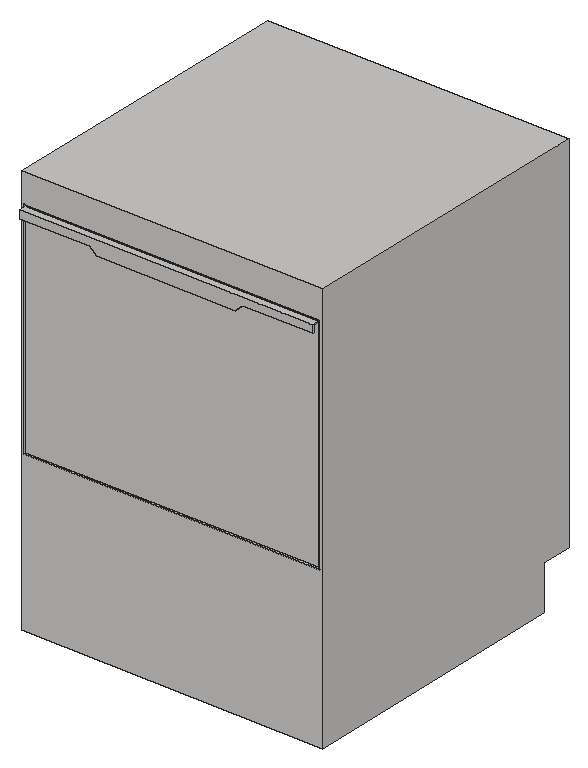
Revit family "QF_ELECTROLUXPROFESSIONAL_400261_ELA1PS", category Specialty Equipment, Revit 2018
Family settings
  Round Connector Dimension = Use Diameter
  Part Type = Normal
  Work Plane-Based = No
  Always vertical = Yes
  Cut with Voids When Loaded = No
  Shared = No
  Room Calculation Point = No
Parameters (values of type "Standard")
  Weight = 60.00 kg
  Watts = 0 W
  Volts = 230 V
  URL Manufacturer = "http://professional.electrolux.com"
  URL = "http://professional.electrolux.com"
  Steam Supply Size = 0 mm
  Steam Supply Minimum Pressure = 0.0 Pa
  Steam Supply Maximum Pressure = 0.0 Pa
  Steam Pounds per Hour = 0
  Show Logo [instance] = yes
  Show Clearance [instance] = yes
  Refrigeration Suction Line Size = 0 mm
  Refrigeration Liquid Line Size = 0 mm
  Refrigerant Compressor Remote = yes
  Manufacturer = "Electrolux Professional"
  Phase = 1
  Model = "ELA1PS"
  Length Actual = 600 mm  # constant formula
  Item Number = "400261"
  Hot Water Size = 19.05 mm
  Height Actual = 820 mm  # constant formula
  HP = "4.9 HP"
  Gas Size = 0 mm
  Gas KW = 0
  Gas Input Pressure = 0 W
  Direct Waste Size = 40 mm
  Description = "UNDERCOUNTER(L), WASH-SAFE, 1PH, DRAIN PUMP, 720D/H, SCHUKO PLUG"
  Depth Actual = 648 mm  # constant formula
  Cycle = 50 Hz
  Condensate Return Size = 0 mm
  Compressed Air Volume = 0.0 L/s
  Compressed Air Size = 0 mm
  Compressed Air Pressure = 0.0 Pa
  Cold Water Size = 0 mm
  Accessory = yes
Reference planes
  plane 1 "Center (Front/Back)": y = 0
  plane 2: z = 0
  plane 3 "Center (Left/Right)": x = 0
  plane 4 "LEFT": x = -300
  plane 5 "RIGHT": x = 300
  plane 6 "FRONT": y = -306
  plane 7 "BACK": y = 306
  plane 8: x = -202.5
  plane 9: x = 202.5
  plane 10: z = 830
  plane 11: z = 10
Forms (mm)
  Extrusion 1, solid, material "QF_Finishes_Stainless Steel"
    sketch origin (0, 0, 0) x (1, 0, 0) y (0, 1, 0)
      loop
        line (-300, -306) -> (300, -306) -> (300, 245) -> (-300, 245) -> (-300, -306)
    from 10 to 830
  Extrusion 2, solid, material "QF_Finishes_Stainless Steel"
    sketch origin (0, 0, 0) x (1, 0, 0) y (0, 1, 0)
      loop
        line (-300, 245) -> (300, 245) -> (300, 306) -> (-300, 306) -> (-300, 245)
    from 100 to 830
  Extrusion 3, solid, material "QF_Finishes_Stainless Steel"
    sketch origin (0, 17.5, 0) x (1, 0, 0) y (0, 1, 0)
      loop
        circle (-254, 167.5) r 12.5
      loop
        circle (254, 167.5) r 12.5
      loop
        circle (-254, -263.5) r 12.5
      loop
        circle (254, -263.5) r 12.5
    from 0 to 10
  Extrusion 4, void
    sketch origin (-300, -306, 0) x (-1, 0, 0) y (0, 0, 1)
      loop
        line (-5, 773.217) -> (-595, 773.217) -> (-595, 327.335) -> (-5, 327.335) -> (-5, 773.217)
    from 0 to 30
  Extrusion 5, solid, material "QF_Finishes_Stainless Steel"
    sketch origin (-259, -389, 768) x (0, 0, -1) y (1, 0, 0)
      loop
        circle (693, 143) r 10
    from -634 to -695
  Extrusion 6, solid, material "QF_Door-Drawer Clearances", visible <- "Show Clearance", detail levels coarse
    sketch origin (-230, -282.5, 0) x (0, 1, 0) y (0, 0, -1)
      loop
        line (-23.5, -330.419) -> (-391.5, -330.419)
        arc (-391.5, -330.419) -> (-290.693, -619.855) -> (-23.5, -770) r 432.894
        line (-23.5, -770) -> (-23.5, -330.419)
    from 61.197 to -521.306
  Extrusion 7, solid, material "QF_Finishes_Stainless Steel"
    sketch origin (-315.481, -389, 738) x (0, 0, -1) y (1, 0, 0)
      loop
        circle (663, 252.481) r 8
    from -634 to -695
  Extrusion 8, solid, material "QF_Finishes_Stainless Steel"
    sketch origin (-230, -282.5, 0) x (0, 1, 0) y (0, 0, -1)
      loop
        line (-23.5, -330.419) -> (-23.5, -770) -> (1.5, -770) -> (1.5, -330.419) -> (-23.5, -330.419)
    from 61.197 to -521.306
  Extrusion 9, solid, material "QF_Finishes_Stainless Steel"
    sketch origin (-230, -297.5, 0) x (0, 1, 0) y (0, 0, -1)
      loop
        line (-8.5, -770) -> (-8.5, -767.514) -> (-21, -767.514) -> (-21, -741.25) -> (-23.5, -741.25) -> (-23.5, -770) -> (-8.5, -770)
    from 61.197 to -521.306
  Extrusion 10, void
    sketch origin (-230, -321, 770) x (0, 0, 1) y (1, 0, 0)
      loop
        line (-15.552, -61.197) -> (-15.552, 77.909) -> (-28.75, 91.107) -> (-28.75, -61.197) -> (-15.552, -61.197)
      loop
        line (-15.552, 521.197) -> (-28.75, 521.197) -> (-28.75, 368.893) -> (-15.552, 382.091) -> (-15.552, 521.197)
    from 0 to 2.5
  Extrusion 11, solid, material "QF_Finishes_Stainless Steel"
    sketch origin (-295.988, 885.897, 763.79) x (0, -1, 0) y (1, 0, 0)
      loop
        circle (611.5, 158) r 8
    from -663.79 to -673.79
Cuts and joins
  Extrusion 4 cuts Extrusion 1
  joined: Extrusion 1, Extrusion 2
  Extrusion 10 cuts Extrusion 8
  Extrusion 10 cuts Extrusion 9
Lines and regions (mm)
  Split face 1
    outline origin (-300, -306, 830) x (0, 0, -1) y (1, 0, 0)
      loop
        line (21.579, 283.75) -> (39.683, 283.75) -> (39.683, 316.25) -> (21.579, 316.25) -> (21.579, 283.75)
  Split face 2
    outline origin (-300, -306, 830) x (0, 0, -1) y (1, 0, 0)
      loop
        line (56.783, 595) -> (56.783, 600)
      loop
        arc (56.783, 412.5) -> (28.391, 440.891) -> (0, 412.5) r 28.391
  symbolic lines
    curve 1: line (-300, 306, 0) -> (300, 306, 0)
    curve 2: line (-300, -306, 0) -> (-300, 306, 0)
    curve 3: line (300, -306, 0) -> (-300, -306, 0)
    curve 4: line (300, 306, 0) -> (300, -306, 0)
    curve 9: line (-291.197, -306, 0) -> (-291.197, -321, 0)
    curve 10: line (291.306, -321, 0) -> (291.306, -306, 0)
    curve 11: line (-291.197, -321, 0) -> (291.306, -321, 0)
  symbolic lines, style "QF_Door-Drawer Clearances"
    curve 5: line (-291.197, -674, 0) -> (291.306, -674, 0)
    curve 6: line (291.306, -674, 0) -> (291.306, -306, 0)
    curve 7: line (-291.197, -674, 0) -> (-291.197, -306, 0)
  symbolic lines, style "SpecialityEquipmentHiddenLines"
    curve 8: line (-300, 245, 0) -> (300, 245, 0)
Dimensions and locks
  equal spacing: plane 4 "LEFT", plane 3 "Center (Left/Right)", plane 5 "RIGHT"
  equal spacing: plane 7 "BACK", plane 1 "Center (Front/Back)", plane 6 "FRONT"
  plane 7 "BACK" to plane 6 "FRONT" = 612 mm
  plane 4 "LEFT" to plane 5 "RIGHT" = 600 mm
  plane 4 "LEFT" to plane 8 = 97.5 mm
  plane 9 to plane 5 "RIGHT" = 97.5 mm
  plane 11 to level = 10 mm
  plane 4 "LEFT" to plane 3 "Center (Left/Right)" = 300 mm
  plane 10 to level = 830 mm  (x2)
  plane 8 to plane 9 = 405 mm
  Extrusion 11 sketch curve to plane 4 "LEFT" = 162.012 mm
  level to Extrusion 5 sketch curve = 75 mm
  Extrusion 5 sketch curve to plane 4 "LEFT" = 184 mm
  Extrusion 7 sketch curve to plane 4 "LEFT" = 237 mm
  level to Extrusion 7 sketch curve = 75 mm
  Extrusion 3 to cut or joined group of Extrusion 1, Extrusion 2, Extrusion 4 = 121 mm
  Extrusion 3 to Extrusion 3 = 431 mm
  plane 6 "FRONT" to Extrusion 3 = 60 mm
  plane 9 to plane 8 = 405 mm
  plane 7 "BACK" to curve 5 = 980 mm
  cut or joined group of Extrusion 1, Extrusion 2, Extrusion 4 to level = 327.335 mm
  aligned and locked: level to plane 2
  aligned and locked: Extrusion 1 sketch curve to plane 6 "FRONT"
  aligned and locked: Extrusion 1 sketch curve to plane 4 "LEFT"
  aligned and locked: plane 5 "RIGHT" to Extrusion 1 sketch curve
  aligned and locked: Extrusion 1 to plane 11
  aligned and locked: Extrusion 2 sketch curve to Extrusion 1
  aligned and locked: plane 5 "RIGHT" to Extrusion 2 sketch curve
  aligned and locked: plane 11 to Extrusion 3
  aligned and locked: cut or joined group of Extrusion 9, Extrusion 10 to Extrusion 10
Automatic sketch dimensions
  Extrusion 1 sketch curve to plane 7 "BACK" = 61 mm
  Extrusion 3 sketch curve to plane 8 = 51.5 mm  (x2)
  plane 9 to Extrusion 3 sketch curve = 51.5 mm  (x2)
  plane 6 "FRONT" to Extrusion 3 sketch curve = 60 mm  (x2)
  Extrusion 3 sketch curve to plane 7 "BACK" = 121 mm  (x2)
  Extrusion 4 sketch curve to Extrusion 1 = 5 mm  (x2)
  Extrusion 4 sketch curve to Extrusion 1 = 317.335 mm
  Extrusion 4 sketch curve to Extrusion 1 = 56.783 mm
  plane 6 "FRONT" to Extrusion 8 sketch curve = 0 mm
  Extrusion 8 sketch curve to Extrusion 8 sketch curve = 25 mm
  Extrusion 9 sketch curve to plane 6 "FRONT" = 15 mm
  Extrusion 9 sketch curve to Extrusion 9 sketch curve = 2.5 mm
  Extrusion 9 sketch curve to Extrusion 9 sketch curve = 12.5 mm
  Extrusion 9 sketch curve to plane 10 = 60 mm
  Extrusion 9 sketch curve to Extrusion 9 sketch curve = 2.486 mm
  Extrusion 9 sketch curve to Extrusion 9 sketch curve = 26.264 mm
  Extrusion 2 sketch curve to Extrusion 2 sketch curve = 61 mm
  Split face 1 sketch curve to cut or joined group of Extrusion 1, Extrusion 2, Extrusion 4 = 21.579 mm
  Split face 1 sketch curve to Split face 1 sketch curve = 18.104 mm
  Split face 1 sketch curve to cut or joined group of Extrusion 1, Extrusion 2, Extrusion 4 = 278.75 mm
  Split face 1 sketch curve to Split face 1 sketch curve = 32.5 mm
  plane 11 to Extrusion 8 sketch curve = 320.419 mm
  Extrusion 8 sketch curve to plane 10 = 60 mm
  Extrusion 10 sketch curve to Extrusion 9 = 0 mm  (x2)
  Extrusion 9 to Extrusion 10 sketch curve = 0 mm
  Extrusion 10 sketch curve to Extrusion 9 = 13.198 mm  (x2)
  Extrusion 10 sketch curve to Extrusion 9 = 139.107 mm
  Extrusion 10 sketch curve to Extrusion 10 sketch curve = 13.198 mm  (x2)
  Extrusion 10 sketch curve to Extrusion 9 = 152.413 mm
  Extrusion 10 sketch curve to Extrusion 9 = 0.109 mm
  curve 3 to plane 4 "LEFT" = 0 mm
  curve 7 to plane 6 "FRONT" = 0 mm
  curve 4 to plane 5 "RIGHT" = 0 mm
  curve 2 to plane 7 "BACK" = 0 mm
  plane 4 "LEFT" to curve 5 = 8.803 mm
  curve 5 to plane 5 "RIGHT" = 8.694 mm
  plane 4 "LEFT" to curve 11 = 8.803 mm
  curve 10 to plane 5 "RIGHT" = 8.694 mm
  curve 11 to plane 6 "FRONT" = 15 mm
  curve 8 to plane 7 "BACK" = 61 mm
  Extrusion 2 sketch curve to plane 7 "BACK" = 0 mm
  Split face 2 sketch curve to cut or joined group of Extrusion 1, Extrusion 2, Extrusion 4 = 0 mm  (x5)
  Split face 2 sketch curve to cut or joined group of Extrusion 1, Extrusion 2, Extrusion 4 = 182.5 mm
  Extrusion 11 sketch curve to plane 7 "BACK" = 31.603 mm
  Extrusion 6 sketch curve to plane 6 "FRONT" = 0 mm
  plane 6 "FRONT" to Extrusion 6 sketch curve = 64.74 mm
  plane 11 to Extrusion 6 sketch curve = 331.974 mm
  Extrusion 6 sketch curve to Extrusion 6 sketch curve = 11.555 mm
  Extrusion 6 sketch curve to plane 6 "FRONT" = 368 mm
  radius of Extrusion 5 sketch curve = 10 mm
  radius of Extrusion 7 sketch curve = 8 mm
  radius of Extrusion 3 sketch curve = 12.5 mm  (x4)
  radius of Extrusion 11 sketch curve = 8 mm
Connectors
  piping at (-116, 306, 75), diameter 20
    settings: on Extrusion 5, index 1, connector inside diameter 609.6 mm, connector length 0 mm, flow factor 0, pipe flow 0.0 L/s, pressure drop 0.0 Pa, fitting loss kfactor 0, connector angle 0.00°, fixture units 0, engagement length 0 mm, angle of deflection 0.00°, flow configuration 1, flow direction 1, fitting loss method 0, system type 16, joint type 0, gender type 0, connector reference index -1, connector utility 0, adjustable connector no, is connector primary yes, connector description "Drain"
  piping at (-63, 306, 75), diameter 16
    settings: on Extrusion 7, index 3, connector inside diameter 609.6 mm, connector length 0 mm, flow factor 0, pipe flow 0.0 L/s, pressure drop 0.0 Pa, fitting loss kfactor 0, connector angle 0.00°, fixture units 0, engagement length 0 mm, angle of deflection 0.00°, flow configuration 1, flow direction 1, fitting loss method 0, system type 20, joint type 0, gender type 0, connector reference index -1, connector utility 0, adjustable connector no, is connector primary no, connector description "Cold Water Inlet"
  electrical at (-137.988, 274.397, 90), driven by "Volts"
    settings: on Extrusion 11, index 4, voltage 230 V, apparent load 0 VA, apparent load phase1 0 VA, apparent load phase2 0 VA, apparent load phase3 0 VA, power factor 1, load classification "Altro", number of poles 1, system type 31, power factor state 1, is connector primary yes, connector utility no, sub classification motor no, connector description "Electrical Connection"
